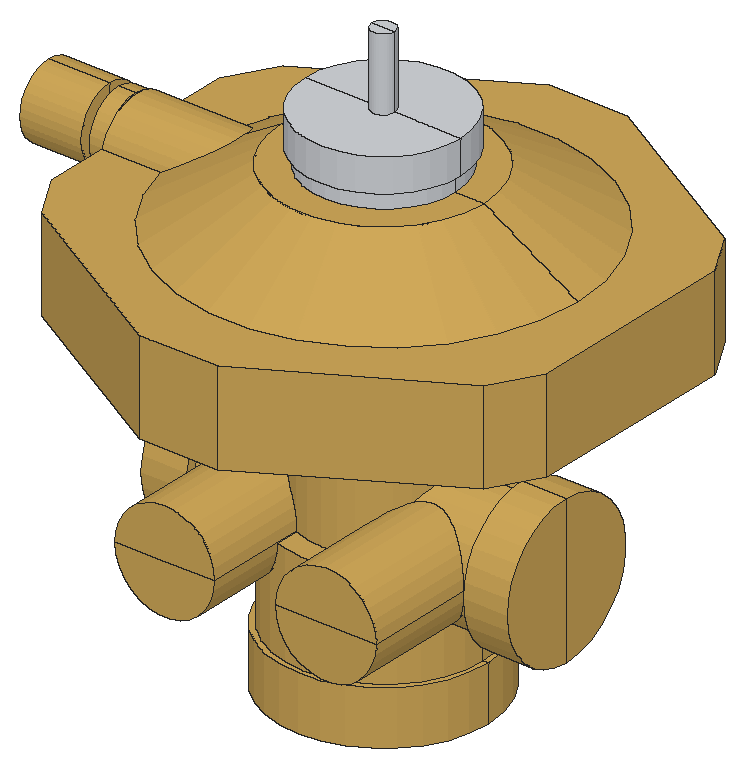
Revit family "Differential Pressure Control Valve 4002 FIX TS 50kPa", category Rohrzubehör, Revit 2018
Family settings
  Bemaßung runder Anschluss = Durchmesser verwenden
  Teiletyp = Unterbricht
  OmniClass-Nummer = 23.65.55.14
  OmniClass-Titel = Valves for Liquid Services
  Arbeitsebenenbasiert = Nein
  Immer vertikal = Ja
  Beim Laden mit Abzugskörper schneiden = Nein
  Gemeinsam genutzt = Nein
Parameters (values of type "without insulation")
  y2 [instance] = K14 + K9 + H01  # 45.649 mm
  y1 [instance] = (R03 * 2) + R05  # 66.000 mm
  k25 = 9.000 mm  # constant formula
  k24 = 13.000 mm  # constant formula
  k23 = 6.000 mm  # constant formula
  k22 = 22.000 mm  # constant formula
  k21 = 13.000 mm  # constant formula
  k20 = 14.000 mm  # constant formula
  k19 = 2.000 mm  # constant formula
  Model = "The differential pressure controller is a straight-version linear controller and works without auxiliary\r\npower. The fixed nominal differential pressure is 50 kPa.\r\nA capillary (1000 mm) is included and should be connected to the circuit regulating valve in the\r\nflow."
  Min. operating temperature (anti freeze) = -20 °C  # constant formula
  Max. operating temperature up to DN32 = 130 °C  # constant formula
  Max. operating temperature from  DN40 = 110 °C  # constant formula
  Max. differential pressure on the body = 400000.0 Pa  # constant formula
  Max. operating pressure = 1600000.0 Pa  # constant formula
  Valve shaft = "stainless steel 14301"  # constant formula
  VRL01 [instance] = 30.000 mm  # constant formula
  V12 = 17.000 mm  # constant formula
  V10 = 16.000 mm  # constant formula
  V09 [instance] = 11.000 mm  # constant formula
  V08 [instance] = G01 + 3.000 mm  # 16.220 mm
  V03 [instance] = G01 + 5.000 mm  # 18.220 mm
  V02 [instance] = V01 + 4.500 mm  # 12.000 mm
  V01 [instance] = Nennweite / 2  # 7.500 mm
  URL = "www.herzvalves.com"
  SCRNSEQ = "ARM;ARM_TYP=\"DIFR\";2"
  SCRNCODE = "05;03;4"  # constant formula
  S07 = 10.000 mm  # constant formula
  S05 [instance] = S01 - 1.000 mm  # 13.850 mm
  S04 [instance] = S02 - 1.000 mm  # 18.000 mm
  S03 [instance] = size_lookup("4002_FIX_TS_50", "S03", 26.500 mm, Nennweite)  # 25.600 mm
  S02 [instance] = size_lookup("4002_FIX_TS_50", "S02", 19.000 mm, Nennweite)  # 19.000 mm
  S01 [instance] = size_lookup("4002_FIX_TS_50", "S01", 14.850 mm, Nennweite)  # 14.850 mm
  Regulator connection nut = "brass CW614N"  # constant formula
  Control range = "FIX 50kPa"  # constant formula
  R06 [instance] = size_lookup("4002_FIX_TS_50", "R06", 14.500 mm, Nennweite)  # 14.500 mm
  R05 [instance] = size_lookup("4002_FIX_TS_50", "R05", 41.000 mm, Nennweite)  # 50.000 mm
  R04 [instance] = size_lookup("4002_FIX_TS_50", "R04", 12.500 mm, Nennweite)  # 12.500 mm
  R03 [instance] = size_lookup("4002_FIX_TS_50", "R03", 8.000 mm, Nennweite)  # 8.000 mm
  R02 = 14.500 mm  # constant formula
  R01 [instance] = size_lookup("4002_FIX_TS_50", "R01", 11.500 mm, Nennweite)  # 11.500 mm
  Min. operating temperature (pure water) = 2 °C  # constant formula
  O-Rings = "EPDM"  # constant formula
  Nennweite [instance] = 15.000 mm
  Membrane body = "brass CW602N"  # constant formula
  Membrane = "EPDM"  # constant formula
  Medium = "Water purity in accordance with the ÖNORM H 5195 and VDI 2035 standards\r\nEthylene and propylene glycol can be mixed to a ratio of 25 - 50 vol. [%]"
  L07 [instance] = size_lookup("4002_FIX_TS_50", "L07", 33.000 mm, Nennweite)  # 33.000 mm
  L06 = 7.000 mm  # constant formula
  L [instance] = size_lookup("4002_FIX_TS_50", "L", 66.000 mm, Nennweite)  # 66.000 mm
  K9 = 4.000 mm  # constant formula
  K8 = 55.000 mm  # constant formula
  K7 = 8.700 mm  # constant formula
  K6 = 11.700 mm  # constant formula
  K5 = 13.000 mm  # constant formula
  K4 = 12.000 mm  # constant formula
  K3 = 15.000 mm  # constant formula
  K2 = 2.350 mm  # constant formula
  K18 = 89.000 mm  # constant formula
  K17 = 66.700 mm  # constant formula
  K16 = 3.000 mm  # constant formula
  K15 = 26.649 mm  # constant formula
  K14 = 16.649 mm  # constant formula
  K13 = 16.649 mm  # constant formula
  K12 = 10.000 mm  # constant formula
  K11 = 35.000 mm  # constant formula
  K10 = 18.250 mm  # constant formula
  K1.1 = 2.350 mm  # constant formula
  K1 = 7.651 mm - 1.000 mm  # 6.651 mm
  J9 = 15.700 mm  # constant formula
  J8 = 7.850 mm  # constant formula
  J7 = 15.897 mm  # constant formula
  J6 = 3.900 mm  # constant formula
  J5 = 6.500 mm  # constant formula
  J4 = 1.500 mm  # constant formula
  J3 = 3.200 mm  # constant formula
  J2 = 11.000 mm  # constant formula
  J11 = 3.500 mm  # constant formula
  J10 = 18.897 mm  # constant formula
  J1 = 6.500 mm  # constant formula
  Hersteller = "HERZ-Armaturen Ges.m.b.H"  # constant formula
  H2 [instance] = size_lookup("4002_FIX_TS_50", "H2", 28.000 mm, Nennweite)  # 28.000 mm
  H1 [instance] = K1 + K2 + K3 + K4 + K5 + K7 + K8 + K16 + 16.650 mm  # 132.351 mm
  H04 = 4.000 mm  # constant formula
  H03 = 9.800 mm  # constant formula
  H02 [instance] = size_lookup("4002_FIX_TS_50", "H02", 53.000 mm, Nennweite)  # 53.000 mm
  H01 [instance] = size_lookup("4002_FIX_TS_50", "H01", 25.000 mm, Nennweite)  # 25.000 mm
  Body = "DZR brass CC770S"  # constant formula
  G01 [instance] = size_lookup("4002_FIX_TS_50", "G01", 13.220 mm, Nennweite)  # 13.220 mm
  Materials = "Ammonia contained in hemp can damage brass valve bodies, EPDM gaskets can be affected by\r\nMineral oils lubricants and thus lead to failure of the EPDM seals. Please refer to manufacturers\r\ndocumentation when using ethylene glycol products for frost and corrosion protection."
  Dämmung = no
  Insulation shell = "EPP (expanded polypropylen)"  # constant formula
  Compression spring = "spring steel, rust and acid persistent"  # constant formula
  DN50 [instance] = Nennweite = 50.000 mm  # no
  DN40 [instance] = Nennweite = 40.000 mm  # no
  DN32-40 [instance] = or(Nennweite = 32.000 mm, Nennweite = 40.000 mm)  # no
  DN32 [instance] = Nennweite = 32.000 mm  # no
  DN25 [instance] = Nennweite = 25.000 mm  # no
  DN20 [instance] = Nennweite = 20.000 mm  # no
  DN15-25 [instance] = or(Nennweite = 15.000 mm, Nennweite = 20.000 mm, Nennweite = 25.000 mm)  # yes
  DN15,20,25,32,50 [instance] = or(Nennweite = 15.000 mm, Nennweite = 20.000 mm, Nennweite = 25.000 mm, Nennweite = 32.000 mm, Nennweite = 50.000 mm)  # yes
  DN15 [instance] = Nennweite = 15.000 mm  # yes
  D07 [instance] = if(Nennweite = 15.000 mm, 32.000 mm, if(Nennweite = 20.000 mm, 33.000 mm, if(Nennweite = 25.000 mm, 33.000 mm, if(Nennweite = 32.000 mm, 49.000 mm, if(Nennweite = 40.000 mm, 57.560 mm, if(Nennweite = 50.000 mm, 57.560 mm, 0.000 mm))))))  # 32.000 mm
  D06 [instance] = if(Nennweite = 15.000 mm, 32.000 mm, if(Nennweite = 20.000 mm, 33.000 mm, if(Nennweite = 25.000 mm, 33.000 mm, if(Nennweite = 32.000 mm, 49.000 mm, if(Nennweite = 40.000 mm, 57.560 mm, if(Nennweite = 50.000 mm, 57.560 mm, 0.000 mm))))))  # 32.000 mm
  D05 [instance] = if(Nennweite = 15.000 mm, 36.750 mm, if(Nennweite = 20.000 mm, 40.700 mm, if(Nennweite = 25.000 mm, 49.200 mm, if(Nennweite = 32.000 mm, 54.150 mm, if(Nennweite = 40.000 mm, 60.750 mm, if(Nennweite = 50.000 mm, 72.700 mm, 0.000 mm))))))  # 36.750 mm
  D04 [instance] = if(Nennweite = 15.000 mm, 78.500 mm, if(Nennweite = 20.000 mm, 82.000 mm, if(Nennweite = 25.000 mm, 84.000 mm, if(Nennweite = 32.000 mm, 120.000 mm, if(Nennweite = 40.000 mm, 130.000 mm, if(Nennweite = 50.000 mm, 130.500 mm, 0.000 mm))))))  # 78.500 mm
  D03 [instance] = if(Nennweite = 15.000 mm, 96.000 mm, if(Nennweite = 20.000 mm, 110.000 mm, if(Nennweite = 25.000 mm, 112.000 mm, if(Nennweite = 32.000 mm, 152.000 mm, if(Nennweite = 40.000 mm, 170.000 mm, if(Nennweite = 50.000 mm, 179.000 mm, 0.000 mm))))))  # 96.000 mm
  D02 [instance] = size_lookup("4002_FIX_TS_50", "R05", 41.000 mm, Nennweite)  # 50.000 mm
  D01 [instance] = size_lookup("4002_FIX_TS_50", "G01", 13.220 mm, Nennweite)  # 13.220 mm
  Bestellnummer Dämmung [instance] = if(and(Dämmung, Nennweite = 15.000 mm), 1400291, if(and(Dämmung, Nennweite = 20.000 mm), 1400291, if(and(Dämmung, Nennweite = 25.000 mm), 1400291, if(and(Dämmung, Nennweite = 32.000 mm), 1400291, if(and(Dämmung, Nennweite = 40.000 mm), 1400291, if(and(Dämmung, Nennweite = 50.000 mm), 1400291, 0))))))  # 0
  Bestellnummer [instance] = size_lookup("4002_FIX_TS_50", "Artnr", 0, Nennweite)  # 1400291
  B2 [instance] = size_lookup("4002_FIX_TS_50", "B2", 31.000 mm, Nennweite)  # 31.000 mm
  B1 [instance] = size_lookup("4002_FIX_TS_50", "B1", 26.000 mm, Nennweite)  # 26.000 mm
  B04 = 100.649 mm  # constant formula
  B03 = 44.500 mm  # constant formula
  B02 = 104.688 mm  # constant formula
  B01 = 10.000 mm  # constant formula
  Application = "Differential pressure controllers are used to stabilize the differential pressure in heating and cooling circuits and ensure the\r\nindependence of the loads from dynamic pressure fluctuations in the system."
  Connection nipple = "brass CW602N"  # constant formula
  Connection thread for the drive = "brass CW602N"  # constant formula
Types (3, lengths in mm): name | y2 | y1 | Model | V08 | V03 | V02 | V01 | S03 | R05 | R04 | R03 | R01 | Nennweite | Medium | L07 | L | H2 | H02 | H01 | G01 | Materials | Dämmung | DN25 | DN15 | D07 | D06 | D05 | D04 | D03 | D02 | D01 | Bestellnummer Dämmung | Bestellnummer | B2 | B1
  (no name) | 45.649 | 66.000 | "The differential pressure controller is a straight-version linear controller and works without auxiliary\r\npower. The fixed nominal differential pressure is 50 kPa.\r\nA capillary (1000 mm) is included and should be connected to the circuit regulating valve in the\r\nflow." | 16.220 | 18.220 | 12.000 | 7.500 | 25.600 | 50.000 | 12.500 | 8.000 | 11.500 | 15.000 | "Water purity in accordance with the ÖNORM H 5195 and VDI 2035 standards\r\nEthylene and propylene glycol can be mixed to a ratio of 25 - 50 vol. [%]" | 33.000 | 66.000 | 28.000 | 53.000 | 25.000 | 13.220 | "Ammonia contained in hemp can damage brass valve bodies, EPDM gaskets can be affected by\r\nMineral oils lubricants and thus lead to failure of the EPDM seals. Please refer to manufacturers\r\ndocumentation when using ethylene glycol products for frost and corrosion protection." | no | no | yes | 32.000 | 32.000 | 36.750 | 78.500 | 96.000 | 50.000 | 13.220 | 0 | 1400291 | 31.000 | 26.000
  with insulation | 46.649 | 76.000 | "The differential pressure controller is a straight-version linear controller and works without auxiliary\r\npower. The fixed nominal differential pressure is 50 kPa.\r\nA capillary (1000 mm) is included and should be connected to the circuit regulating valve in the supply line." | 23.600 | 25.600 | 17.000 | 12.500 | 29.000 | 58.200 | 14.500 | 8.900 | 14.800 | 25.000 | "Water purity in accordance with the ÖNORM H 5195 and VDI 2035 standards.\r\nEthylene and propylene glycol can be mixed to a ratio of 25 - 50 vol. [%]" | 38.000 | 76.000 | 29.000 | 54.500 | 26.000 | 20.600 | "Ammonia contained in hemp can damage brass valve bodies, EPDM gaskets can be affected by\r\nmineral oil lubricants and thus lead to failure of the EPDM seals. Please refer to manufacturers\r\ndocumentation when using ethylene glycol products for frost and corrosion protection." | yes | yes | no | 33.000 | 33.000 | 49.200 | 84.000 | 112.000 | 58.200 | 20.600 | 1400291 | 1400293 | 33.000 | 28.000
  without insulation | 45.649 | 66.000 | "The differential pressure controller is a straight-version linear controller and works without auxiliary\r\npower. The fixed nominal differential pressure is 50 kPa.\r\nA capillary (1000 mm) is included and should be connected to the circuit regulating valve in the\r\nflow." | 16.220 | 18.220 | 12.000 | 7.500 | 25.600 | 50.000 | 12.500 | 8.000 | 11.500 | 15.000 | "Water purity in accordance with the ÖNORM H 5195 and VDI 2035 standards\r\nEthylene and propylene glycol can be mixed to a ratio of 25 - 50 vol. [%]" | 33.000 | 66.000 | 28.000 | 53.000 | 25.000 | 13.220 | "Ammonia contained in hemp can damage brass valve bodies, EPDM gaskets can be affected by\r\nMineral oils lubricants and thus lead to failure of the EPDM seals. Please refer to manufacturers\r\ndocumentation when using ethylene glycol products for frost and corrosion protection." | no | no | yes | 32.000 | 32.000 | 36.750 | 78.500 | 96.000 | 50.000 | 13.220 | 0 | 1400291 | 31.000 | 26.000
Reference planes
  plane 1 "Mitte (Vorne/hinten)": y = 0
  plane 2: z = 0
  plane 3 "Mitte (Links/rechts)": x = 0
Forms (mm)
  Revolve 1, solid, material "Messing, weicher Gelbton, geschweißt", detail levels fine
    sketch origin (0, 0, 0) x (1, 0, 0) y (0, 0, 1)
      loop
        line (-33, 0) -> (33, 0) -> (33, 13.22) -> (25, 13.22) -> (25, 11.5) -> (-25, 11.5) -> (-25, 13.22) -> (-33, 13.22) -> (-33, 0)
      axis (-33, 0) -> (33, 0)
    angle from 0 to 360
  Revolve 2, solid, material "Messing, weicher Gelbton, geschweißt", detail levels fine
    sketch origin (0, 0, 0) x (1, 0, 0) y (0, 0, 1)
      loop
        line (0, -28) -> (0, 0) -> (-18, 0) -> (-18, -18.2) -> (-19, -18.2) -> (-19, -28) -> (0, -28)
      axis (0, 0) -> (0, -28)
    angle from 0 to 360
  Extrusion 3, solid, material "Messing, weicher Gelbton, geschweißt", detail levels fine
    sketch origin (0, 0, 0) x (0, -1, 0) y (1, 0, 0)
      loop
        line (-46, -7.038) -> (-27.114, -39.75) -> (-18.886, -44.5) -> (18.886, -44.5) -> (27.114, -39.75) -> (46, -7.038) -> (46, 7.038) -> (27.114, 39.75) -> (18.886, 44.5) -> (-18.886, 44.5) -> (-27.114, 39.75) -> (-46, 7.038) -> (-46, -7.038)
    from 29 to 45.649
  Revolve 4, solid, material "Messing, weicher Gelbton, geschweißt", detail levels fine
    sketch origin (0, 0, -7.051) x (1, 0, 0) y (0, 0, 1)
      loop
        line (0, 52.7) -> (0, 62.7) -> (-18.25, 62.7) -> (-35, 52.7) -> (0, 52.7)
      axis (0, 62.7) -> (0, 52.7)
    angle from 0 to 360
  Revolve 5, solid, material "Messing, weicher Gelbton, geschweißt", visible <- "DN15-25", detail levels fine
    sketch origin (-11, 0, 0) x (1, 0, 0) y (0, 1, 0)
      loop
        line (-1.5, 26) -> (-9.2, 26) -> (-9.2, 0) -> (-1.5, 0) -> (-1.5, 26)
      axis (-1.5, 0) -> (-1.5, 26)
    angle from 0 to 360
  Revolve 6, solid, material "Messing, weicher Gelbton, geschweißt", detail levels fine
    sketch origin (-0.988, 0, -6.853) x (-1, 0, 0) y (0, 0, 1)
      loop
        line (43.5, 51.75) -> (59.2, 51.75) -> (59.2, 58.25) -> (48.2, 58.25) -> (48.2, 55.65) -> (46.7, 55.65) -> (46.7, 58.25) -> (43.5, 58.25) -> (43.5, 51.75)
      axis (43.5, 51.75) -> (59.2, 51.75)
    angle from 0 to 360
  Extrusion 7, solid, material "Messing, weicher Gelbton, geschweißt", detail levels fine
    sketch origin (0, 0, 0) x (0, 1, 0) y (0, 0, -1)
      loop
        line (7.85, -43.547) -> (7.85, -32.5) -> (-7.85, -32.5) -> (-7.85, -43.547)
        arc (-7.85, -43.547) -> (0, -51.397) -> (7.85, -43.547) r 7.85
    from 0 to 44.5
  Revolve 8, solid, material "Messing, weicher Gelbton, geschweißt", visible <- "DN15-25", detail levels fine
    sketch origin (-2, 0, 0) x (1, 0, 0) y (0, 1, 0)
      loop
        line (-12.5, 0) -> (-21.5, 0) -> (-21.5, -31) -> (-12.5, -31) -> (-12.5, 0)
      axis (-12.5, 0) -> (-12.5, -31)
    angle from 0 to 360
  Revolve 9, solid, material "Messing, weicher Gelbton, geschweißt", visible <- "DN15-25", detail levels fine
    sketch origin (2, 0, 0) x (1, 0, 0) y (0, 1, 0)
      loop
        line (12.5, 0) -> (12.5, -31) -> (21.6, -31) -> (21.6, 0) -> (12.5, 0)
      axis (12.5, 0) -> (12.5, -31)
    angle from 0 to 360
  Extrusion 10, solid, material "Messing, weicher Gelbton, geschweißt", visible <- "DN32", detail levels fine
    sketch origin (-31.5, 0, 0) x (1, 0, 0) y (0, 1, 0)
      loop
        circle (63, 0) r 6.578
      loop
        circle (63, 0) r 3.28
    from -47 to 0
  Extrusion 11, solid, material "Messing, weicher Gelbton, geschweißt", visible <- "DN32", detail levels fine
    sketch origin (31.5, 0, 0) x (-1, 0, 0) y (0, -1, 0)
      loop
        circle (63, 0) r 6.578
      loop
        circle (63, 0) r 3.28
    from -47 to 0
  Revolve 12, solid, material "Messing, weicher Gelbton, geschweißt", detail levels fine
    sketch origin (0, 0, 0) x (1, 0, 0) y (0, 0, 1)
      loop
        line (-13.85, 0) -> (0, 0) -> (0, 29) -> (-9.85, 29) -> (-9.85, 25) -> (-14.85, 25) -> (-14.85, 15.2) -> (-13.85, 15.2) -> (-13.85, 0)
      axis (0, 29) -> (0, 0)
    angle from 0 to 360
  Extrusion 13, solid, material "Messing, weicher Gelbton, geschweißt", visible <- "DN40", detail levels fine
    sketch origin (29.382, 0, 0) x (-1, 0, 0) y (0, -1, 0)
      loop
        circle (63, 0) r 6.578
      loop
        circle (63, 0) r 3.28
    from -58 to 0
  Extrusion 14, solid, material "Messing, weicher Gelbton, geschweißt", visible <- "DN40", detail levels fine
    sketch origin (-29.455, 0, 0) x (1, 0, 0) y (0, 1, 0)
      loop
        circle (63, 0) r 6.578
      loop
        circle (63, 0) r 3.28
    from -58 to 0
  Extrusion 15, solid, material "Messing, weicher Gelbton, geschweißt", visible <- "DN50", detail levels fine
    sketch origin (28.422, 0, 0) x (-1, 0, 0) y (0, -1, 0)
      loop
        circle (63, 0) r 6.578
      loop
        circle (63, 0) r 3.28
    from -58 to 0
  Extrusion 16, solid, material "Messing, weicher Gelbton, geschweißt", visible <- "DN50", detail levels fine
    sketch origin (-28.422, 0, 0) x (1, 0, 0) y (0, 1, 0)
      loop
        circle (63, 0) r 6.578
      loop
        circle (63, 0) r 3.28
    from -58 to 0
  Revolve 17, solid, material "Messing, weicher Gelbton, geschweißt", visible <- "DN32-40", detail levels fine
    sketch origin (-11, 0, 0) x (1, 0, 0) y (0, 1, 0)
      loop
        line (-1.5, -26) -> (-1.5, 0) -> (-9.2, 0) -> (-9.2, -26) -> (-1.5, -26)
      axis (-1.5, 0) -> (-1.5, -26)
    angle from 0 to 360
  Revolve 18, solid, material "Messing, weicher Gelbton, geschweißt", not visible, detail levels fine
    sketch origin (10.652, 0, 0) x (-1, 0, 0) y (0, 0, 1)
      loop
        line (43.652, 0) -> (73.652, 0) -> (73.652, 7.5) -> (56.652, 7.5) -> (56.652, 12) -> (47.652, 12) -> (47.652, 18.22) -> (40.652, 18.22) -> (40.652, 16.22) -> (35.652, 16.22) -> (35.652, 13.22) -> (43.652, 13.22) -> (43.652, 0)
      axis (35.652, 0) -> (73.652, 0)
    angle from 0 to 360
  Revolve 19, solid, material "Messing, weicher Gelbton, geschweißt", not visible, detail levels fine
    sketch origin (-9.448, 0, 0) x (1, 0, 0) y (0, 0, 1)
      loop
        line (42.448, 0) -> (72.448, 0) -> (72.448, 7.5) -> (55.448, 7.5) -> (55.448, 12) -> (46.448, 12) -> (46.448, 18.22) -> (39.448, 18.22) -> (39.448, 16.22) -> (34.448, 16.22) -> (34.448, 13.22) -> (42.448, 13.22) -> (42.448, 0)
      axis (34.448, 0) -> (72.448, 0)
    angle from 0 to 360
  Revolve 20, solid, detail levels fine
    sketch origin (0, 0, 0) x (1, 0, 0) y (0, 0, 1)
      loop
        line (0, 55.649) -> (0, 77.649) -> (-2, 77.649) -> (-2, 64.649) -> (-14, 64.649) -> (-14, 58.649) -> (-13, 58.649) -> (-13, 55.649) -> (0, 55.649)
      axis (0, 77.649) -> (0, 55.649)
    angle from 0 to 360
  Revolve 21, solid, material "Kunsstoff-Anthrazit/Schwarz", visible <- "Dämmung"
    sketch origin (0, 0, 0) x (1, 0, 0) y (0, 0, 1)
      loop
        line (0, -46.5) -> (36.75, -46.5) -> (36.75, 32) -> (0, 32) -> (0, -46.5)
      axis (0, 32) -> (0, -46.5)
    angle from 0 to 360
  Revolve 22, solid, material "Kunsstoff-Anthrazit/Schwarz", visible <- "Dämmung"
    sketch origin (0, 0, 0) x (1, 0, 0) y (0, 0, 1)
      loop
        line (0, 32) -> (-48, 32) -> (-48, 13.22) -> (-25, 13.22) -> (-25, 0) -> (25, 0) -> (25, 10) -> (48, 10) -> (48, 32) -> (0, 32)
      axis (-48, 0) -> (48, 0)
    angle from 0 to 360
  Extrusion 23, void
    sketch origin (-196.626, 0, 0) x (1, 0, 0) y (0, 0, 1)
      loop
        line (106.193, 29) -> (304.626, 29) -> (304.626, 45.649) -> (106.193, 45.649) -> (106.193, 29)
    from -96.074 to 95.029
  Extrusion 24, void
    sketch origin (-330.981, 0, 0) x (1, 0, 0) y (0, 0, 1)
      loop
        line (226.44, 29) -> (455.981, 29) -> (455.981, 45.649) -> (226.44, 45.649) -> (226.44, 29)
    from -101.402 to 98.396
Cuts and joins
  Extrusion 23 cuts Revolve 21
  Extrusion 24 cuts Revolve 22
Lines and regions (mm)
  model lines, detail levels coarse+medium
    curve 1: line (33, -13.22, 0) -> (33, 13.22, 0)
    curve 2: line (33, 13.22, 0) -> (-33, -13.22, 0)
    curve 3: line (-33, -13.22, 0) -> (-33, 13.22, 0)
    curve 4: line (-33, 13.22, 0) -> (33, -13.22, 0)
    curve 5: line (0, -15, 0) -> (0, -29, 0)
    curve 6: spline (-44.5, -37.324, 0) -> (-42.984, -35.17, 0) -> (-38.538, -33.162, 0) -> (-31.466, -31.438, 0) -> (-22.25, -30.115, 0) -> (-11.517, -29.284, 0) -> (0, -29, 0) -> (11.517, -29.284, 0) -> (22.25, -30.115, 0) -> (31.466, -31.438, 0) -> (38.538, -33.162, 0) -> (42.984, -35.17, 0) -> (44.5, -37.325, 0) -> (42.984, -39.479, 0) -> (38.538, -41.487, 0) -> (31.466, -43.211, 0) -> (22.25, -44.534, 0) -> (11.517, -45.365, 0) -> (0, -45.649, 0) -> (-11.517, -45.365, 0) -> (-22.25, -44.534, 0) -> (-31.466, -43.211, 0) -> (-38.538, -41.487, 0) -> (-42.984, -39.479, 0) -> (-44.5, -37.324, 0)
    curve 7: line (-33, 0, 13.22) -> (-33, 0, -13.22)
    curve 8: line (-33, 0, -13.22) -> (33, 0, 13.22)
    curve 9: line (33, 0, 13.22) -> (33, 0, -13.22)
    curve 10: line (33, 0, -13.22) -> (-33, 0, 13.22)
    curve 11: line (0, 0, 13.22) -> (0, 0, 29)
    curve 12: spline (-44.5, 0, 37.325) -> (-42.984, 0, 39.479) -> (-38.538, 0, 41.487) -> (-31.466, 0, 43.211) -> (-22.25, 0, 44.534) -> (-11.517, 0, 45.365) -> (0, 0, 45.649) -> (11.517, 0, 45.365) -> (22.25, 0, 44.534) -> (31.466, 0, 43.211) -> (38.538, 0, 41.487) -> (42.984, 0, 39.479) -> (44.5, 0, 37.324) -> (42.984, 0, 35.17) -> (38.538, 0, 33.162) -> (31.466, 0, 31.438) -> (22.25, 0, 30.115) -> (11.517, 0, 29.284) -> (0, 0, 29) -> (-11.517, 0, 29.284) -> (-22.25, 0, 30.115) -> (-31.466, 0, 31.438) -> (-38.538, 0, 33.162) -> (-42.984, 0, 35.17) -> (-44.5, 0, 37.325)
    curve 13: line (0, 0, 13.22) -> (16.5, 0, 6.61)
    curve 14: line (0, 0, 13.22) -> (-16.5, 0, 6.61)
    curve 15: line (33, 0, 0) -> (63, 0, 0)
    curve 16: line (-33, 0, 0) -> (-63, 0, 0)
    curve 17: line (0, -15, 0) -> (-22.716, -9.1, 0)
    curve 18: line (0, -15, 0) -> (22.716, -9.1, 0)
    curve 19: line (33, 0, 13.22) -> (33, 0, -13.22)
    curve 20: line (33, 0, 13.22) -> (43, 0, 13.22)
    curve 21: line (43, 0, 13.22) -> (33, 0, 0)
    curve 22: line (43, 0, -13.22) -> (33, 0, 0)
    curve 23: line (33, 0, -13.22) -> (43, 0, -13.22)
    curve 24: line (-33, 0, 13.22) -> (-33, 0, -13.22)
    curve 25: line (-33, 0, 13.22) -> (-43, 0, 13.22)
    curve 26: line (-43, 0, 13.22) -> (-33, 0, 0)
    curve 27: line (-43, 0, -13.22) -> (-33, 0, 0)
    curve 28: line (-33, 0, -13.22) -> (-43, 0, -13.22)
    curve 29: line (-33, 13.22, 0) -> (-43, 13.22, 0)
    curve 30: line (-43, 13.22, 0) -> (-33, 0, 0)
    curve 31: line (-33, -13.22, 0) -> (-43, -13.22, 0)
    curve 32: line (-43, -13.22, 0) -> (-33, 0, 0)
    curve 33: line (33, -13.22, 0) -> (33, 13.22, 0)
    curve 34: line (33, 13.22, 0) -> (43, 13.22, 0)
    curve 35: line (43, 13.22, 0) -> (33, 0, 0)
    curve 36: line (33, -13.22, 0) -> (43, -13.22, 0)
    curve 37: line (43, -13.22, 0) -> (33, 0, 0)
Dimensions and locks
  "G01": Revolve 1 sketch curve to Revolve 1 sketch curve  (x2)
  "R01": Revolve 1 sketch curve to Revolve 1 sketch curve
  "R03": Revolve 1 sketch curve to Revolve 1 sketch curve  (x2)
  "K10": Revolve 4 sketch curve to Revolve 4 sketch curve
  "K11": Revolve 4 sketch curve to Revolve 4 sketch curve
  "B1": Revolve 5 sketch curve to Revolve 5 sketch curve
  "J1": Revolve 6 sketch curve to Revolve 6 sketch curve
  "J3": Revolve 6 sketch curve to Revolve 6 sketch curve
  "J4": Revolve 6 sketch curve to Revolve 6 sketch curve
  "J2": Revolve 6 sketch curve to Revolve 6 sketch curve
  "J5": Revolve 6 sketch curve to Revolve 6 sketch curve
  "J6": Revolve 6 sketch curve to Revolve 6 sketch curve
  "H2": plane 2 to Revolve 2 sketch curve
  "H03": Revolve 2 sketch curve to Revolve 2 sketch curve
  "S02": plane 3 "Mitte (Links/rechts)" to Revolve 2 sketch curve
  "B02": Revolve 6 to Extrusion 3
  "B03": Extrusion 3 to plane 3 "Mitte (Links/rechts)"
  "R04": Revolve 5 sketch curve to plane 3 "Mitte (Links/rechts)"
  "K12": Revolve 4 sketch curve to Revolve 4 sketch curve
  "K13": Revolve 4 sketch curve to Extrusion 3
  "K14": Extrusion 3 to Extrusion 3
  "R05": Revolve 1 sketch curve to Revolve 1 sketch curve
  plane 3 "Mitte (Links/rechts)" to Revolve 1 sketch curve = 33.000 mm
  Revolve 1 sketch curve to plane 3 "Mitte (Links/rechts)" = 33.000 mm
  equal spacing: Revolve 1 sketch curve, plane 3 "Mitte (Links/rechts)", Revolve 1 sketch curve
  "B2": plane 1 "Mitte (Vorne/hinten)" to Revolve 8 sketch curve
  "B2": Revolve 9 sketch curve to plane 1 "Mitte (Vorne/hinten)"
  "R06": Revolve 8 sketch curve to plane 3 "Mitte (Links/rechts)"
  "R06": plane 3 "Mitte (Links/rechts)" to Revolve 9 sketch curve
  "S01": Revolve 12 sketch curve to plane 3 "Mitte (Links/rechts)"
  "S05": plane 3 "Mitte (Links/rechts)" to Revolve 12 sketch curve
  "H04": Revolve 12 sketch curve to Revolve 12 sketch curve
  "H03": Revolve 12 sketch curve to Revolve 12 sketch curve
  "H01": Revolve 12 sketch curve to plane 2
  "K9": Extrusion 3 to Revolve 12
  Revolve 2 sketch curve to Revolve 2 sketch curve = 1.000 mm
  "J7": Revolve 6 sketch curve to Extrusion 3
  "J9": Extrusion 7 sketch curve to Extrusion 7 sketch curve
  "J10": Revolve 6 to Extrusion 7 sketch curve
  "J11": Extrusion 7 sketch curve to Extrusion 3
  equal spacing: curve 7, curve 6, curve 9
  "K18": Extrusion 3 to Extrusion 3
  equal spacing: curve 7, curve 14, curve 14
  equal spacing: curve 14, curve 13, curve 9
  "G01": curve 10 to plane 2
  "G01": plane 2 to curve 8
  "G01": curve 9 to plane 2
  "G01": plane 2 to curve 10
  "K18": curve 12 to curve 12
  "y1": curve 7 to curve 9
  "G01": curve 14 to plane 2
  "K14": curve 12 to curve 12
  "y2": curve 12 to plane 2
  "G01": plane 1 "Mitte (Vorne/hinten)" to curve 4
  "G01": curve 3 to plane 1 "Mitte (Vorne/hinten)"
  equal spacing: curve 3, curve 12, curve 1
  equal spacing: curve 3, curve 18, curve 1
  "y1": curve 3 to curve 1
  "G01": plane 1 "Mitte (Vorne/hinten)" to curve 2
  "G01": curve 4 to plane 1 "Mitte (Vorne/hinten)"
  "K18": curve 6 to curve 6
  "K14": curve 6 to curve 6
  "y2": curve 6 to plane 1 "Mitte (Vorne/hinten)"
  "B1": Revolve 17 sketch curve to Revolve 17 sketch curve
  "R04": Revolve 17 sketch curve to plane 3 "Mitte (Links/rechts)"
  "R03": Revolve 18 sketch curve to Revolve 18 sketch curve
  "V10": Revolve 18 sketch curve to Revolve 18 sketch curve
  "V12": Revolve 18 sketch curve to Revolve 18 sketch curve
  "VRL01": Revolve 18 sketch curve to Revolve 18 sketch curve
  "V02": Revolve 18 sketch curve to plane 2
  "V01": Revolve 18 sketch curve to plane 2
  "G01": Revolve 18 sketch curve to plane 2
  "V08": Revolve 18 sketch curve to plane 2
  "V03": Revolve 18 sketch curve to plane 2
  "R03": Revolve 19 sketch curve to Revolve 19 sketch curve
  "V10": Revolve 19 sketch curve to Revolve 19 sketch curve
  "V12": Revolve 19 sketch curve to Revolve 19 sketch curve
  "VRL01": Revolve 19 sketch curve to Revolve 19 sketch curve
  "V01": Revolve 19 sketch curve to plane 2
  "V02": Revolve 19 sketch curve to plane 2
  "G01": Revolve 19 sketch curve to plane 2
  "V08": Revolve 19 sketch curve to plane 2
  "V03": Revolve 19 sketch curve to plane 2
  "L07": Revolve 18 to plane 3 "Mitte (Links/rechts)"
  "L07": plane 3 "Mitte (Links/rechts)" to Revolve 19
  "S07": curve 28 to Revolve 18
  "S07": curve 26 to Revolve 18
  "S07": Revolve 19 to curve 21
  "S07": Revolve 19 to curve 23
  "G01": plane 2 to curve 28
  "G01": curve 25 to plane 2
  "G01": curve 20 to plane 2
  "G01": plane 2 to curve 23
  "S07": curve 30 to curve 3
  "S07": curve 32 to curve 3
  "S07": curve 33 to curve 35
  "S07": curve 33 to curve 37
  "k20": Revolve 20 sketch curve to Revolve 20 sketch curve
  "k24": Revolve 20 sketch curve to Revolve 20 sketch curve
  "k23": Revolve 20 sketch curve to Revolve 20 sketch curve
  "k21": Revolve 20 sketch curve to Revolve 20 sketch curve
  "k22": Revolve 20 sketch curve to Revolve 20 sketch curve
  "k19": Revolve 20 sketch curve to Revolve 20 sketch curve
  "k25": Revolve 20 to Revolve 4
  "D06": Revolve 21 sketch curve to plane 2
  "D05": Revolve 21 sketch curve to Revolve 21 sketch curve
  "D04": Revolve 21 sketch curve to Revolve 21 sketch curve
  "D07": Revolve 22 sketch curve to plane 2
  "D01": Revolve 22 sketch curve to plane 2
  "D03": Revolve 22 sketch curve to Revolve 22 sketch curve
  "D02": Revolve 22 sketch curve to Revolve 22 sketch curve
  equal spacing: Revolve 22 sketch curve, plane 3 "Mitte (Links/rechts)", Revolve 22 sketch curve  (x2)
  "K14": Extrusion 23 to Extrusion 23
  "K14": Extrusion 23 to Extrusion 3
  "K14": Extrusion 24 to Extrusion 24
  "K14": Extrusion 24 to Extrusion 3
  "J8": radius of Extrusion 7 sketch curve
  aligned and locked: level to plane 2
Automatic sketch dimensions
  plane 3 "Mitte (Links/rechts)" to Extrusion 3 sketch curve = 7.038 mm  (x2)
  Extrusion 3 sketch curve to plane 1 "Mitte (Vorne/hinten)" = 46.000 mm
  Extrusion 3 sketch curve to plane 1 "Mitte (Vorne/hinten)" = 27.114 mm  (x2)
  Extrusion 3 sketch curve to Extrusion 3 sketch curve = 8.227 mm  (x4)
  plane 1 "Mitte (Vorne/hinten)" to Extrusion 3 sketch curve = 18.886 mm  (x2)
  Extrusion 3 sketch curve to Extrusion 3 sketch curve = 18.886 mm
  Extrusion 3 sketch curve to plane 3 "Mitte (Links/rechts)" = 7.038 mm  (x2)
  Extrusion 3 sketch curve to Extrusion 3 sketch curve = 32.712 mm  (x4)
  Extrusion 3 sketch curve to Extrusion 3 sketch curve = 4.750 mm  (x2)
  Extrusion 10 sketch curve to Extrusion 10 sketch curve = 0.000 mm  (x2)
  plane 1 "Mitte (Vorne/hinten)" to Extrusion 10 sketch curve = 0.000 mm
  plane 3 "Mitte (Links/rechts)" to Extrusion 10 sketch curve = 31.500 mm
  Extrusion 11 sketch curve to Extrusion 11 sketch curve = 0.000 mm  (x2)
  plane 1 "Mitte (Vorne/hinten)" to Extrusion 11 sketch curve = 0.000 mm
  plane 3 "Mitte (Links/rechts)" to Extrusion 11 sketch curve = 31.500 mm
  Extrusion 13 sketch curve to Extrusion 13 sketch curve = 0.000 mm  (x2)
  plane 1 "Mitte (Vorne/hinten)" to Extrusion 13 sketch curve = 0.000 mm
  plane 3 "Mitte (Links/rechts)" to Extrusion 13 sketch curve = 33.618 mm
  Extrusion 14 sketch curve to Extrusion 14 sketch curve = 0.000 mm  (x2)
  plane 1 "Mitte (Vorne/hinten)" to Extrusion 14 sketch curve = 0.000 mm
  plane 3 "Mitte (Links/rechts)" to Extrusion 14 sketch curve = 33.545 mm
  Extrusion 15 sketch curve to Extrusion 15 sketch curve = 0.000 mm  (x2)
  plane 1 "Mitte (Vorne/hinten)" to Extrusion 15 sketch curve = 0.000 mm
  plane 3 "Mitte (Links/rechts)" to Extrusion 15 sketch curve = 34.578 mm
  Extrusion 16 sketch curve to Extrusion 16 sketch curve = 0.000 mm  (x2)
  plane 1 "Mitte (Vorne/hinten)" to Extrusion 16 sketch curve = 0.000 mm
  plane 3 "Mitte (Links/rechts)" to Extrusion 16 sketch curve = 34.578 mm
  level to Extrusion 23 sketch curve = 29.000 mm
  level to Extrusion 23 sketch curve = 45.649 mm
  Extrusion 23 sketch curve to plane 3 "Mitte (Links/rechts)" = 90.433 mm
  Extrusion 23 sketch curve to Extrusion 23 sketch curve = 198.433 mm
  level to Extrusion 24 sketch curve = 29.000 mm
  level to Extrusion 24 sketch curve = 45.649 mm
  Extrusion 24 sketch curve to plane 3 "Mitte (Links/rechts)" = 104.541 mm
  Extrusion 24 sketch curve to Extrusion 24 sketch curve = 229.541 mm
  curve 16 to level = 0.000 mm
  curve 11 to plane 3 "Mitte (Links/rechts)" = 0.000 mm
  curve 12 to plane 3 "Mitte (Links/rechts)" = 0.000 mm
  curve 15 to level = 0.000 mm
  curve 16 to curve 16 = 30.000 mm
  curve 15 to curve 15 = 30.000 mm
  plane 1 "Mitte (Vorne/hinten)" to curve 30 = 0.000 mm
  plane 1 "Mitte (Vorne/hinten)" to curve 32 = 0.000 mm
  curve 18 to plane 3 "Mitte (Links/rechts)" = 0.000 mm
  curve 6 to plane 3 "Mitte (Links/rechts)" = 0.000 mm
  plane 1 "Mitte (Vorne/hinten)" to curve 35 = 0.000 mm
  plane 1 "Mitte (Vorne/hinten)" to curve 37 = 0.000 mm
  curve 5 to curve 17 = 14.000 mm
  plane 1 "Mitte (Vorne/hinten)" to curve 17 = 9.100 mm
  plane 1 "Mitte (Vorne/hinten)" to curve 18 = 9.100 mm
  Revolve 1 sketch curve to level = 0.000 mm  (x2)
  Revolve 1 sketch curve to Revolve 1 sketch curve = 1473.530 mm
  Revolve 1 sketch curve to Revolve 1 sketch curve = 1806.148 mm
  Revolve 2 sketch curve to level = 0.000 mm
  Revolve 2 sketch curve to plane 3 "Mitte (Links/rechts)" = 0.000 mm  (x2)
  Revolve 2 sketch curve to Revolve 2 sketch curve = 1.000 mm
  Revolve 2 sketch curve to Revolve 2 sketch curve = 334.045 mm
  level to Revolve 2 sketch curve = 2218.015 mm
  Revolve 4 sketch curve to plane 3 "Mitte (Links/rechts)" = 0.000 mm  (x2)
  Revolve 4 sketch curve to level = 373.096 mm
  Revolve 4 sketch curve to Revolve 4 sketch curve = 2155.315 mm
  plane 1 "Mitte (Vorne/hinten)" to Revolve 5 sketch curve = 0.000 mm  (x2)
  Revolve 5 sketch curve to Revolve 5 sketch curve = 0.000 mm  (x2)
  Revolve 5 sketch curve to Revolve 5 sketch curve = 7.700 mm
  plane 3 "Mitte (Links/rechts)" to Revolve 6 sketch curve = 44.488 mm
  Revolve 6 sketch curve to Revolve 6 sketch curve = 0.000 mm  (x3)
  Extrusion 7 sketch curve to plane 1 "Mitte (Vorne/hinten)" = 0.000 mm
  Extrusion 7 sketch curve to Extrusion 7 sketch curve = 11.047 mm
  Extrusion 7 sketch curve to Extrusion 7 sketch curve = 0.000 mm
  plane 1 "Mitte (Vorne/hinten)" to Revolve 8 sketch curve = 0.000 mm  (x2)
  Revolve 8 sketch curve to Revolve 8 sketch curve = 9.000 mm
  Revolve 8 sketch curve to Revolve 8 sketch curve = 0.000 mm  (x2)
  plane 1 "Mitte (Vorne/hinten)" to Revolve 9 sketch curve = 0.000 mm  (x2)
  Revolve 9 sketch curve to Revolve 9 sketch curve = 9.100 mm
  Revolve 9 sketch curve to Revolve 9 sketch curve = 0.000 mm  (x2)
  Revolve 12 sketch curve to level = 0.000 mm  (x2)
  Revolve 12 sketch curve to plane 3 "Mitte (Links/rechts)" = 0.000 mm  (x2)
  Revolve 12 sketch curve to Revolve 12 sketch curve = 5.000 mm
  Revolve 12 sketch curve to Revolve 12 sketch curve = 0.000 mm
  plane 1 "Mitte (Vorne/hinten)" to Revolve 17 sketch curve = 0.000 mm  (x2)
  Revolve 17 sketch curve to Revolve 17 sketch curve = 7.700 mm
  Revolve 17 sketch curve to Revolve 17 sketch curve = 0.000 mm  (x2)
  Revolve 18 sketch curve to level = 0.000 mm  (x2)
  plane 3 "Mitte (Links/rechts)" to Revolve 18 sketch curve = 25.000 mm
  Revolve 18 sketch curve to Revolve 18 sketch curve = 4.000 mm
  Revolve 18 sketch curve to Revolve 18 sketch curve = 0.000 mm  (x2)
  Revolve 19 sketch curve to level = 0.000 mm  (x2)
  plane 3 "Mitte (Links/rechts)" to Revolve 19 sketch curve = 25.000 mm
  Revolve 19 sketch curve to Revolve 19 sketch curve = 4.000 mm
  Revolve 19 sketch curve to Revolve 19 sketch curve = 0.000 mm  (x2)
  curve 26 to level = 0.000 mm
  curve 27 to level = 0.000 mm
  curve 22 to level = 0.000 mm
  curve 21 to level = 0.000 mm
  curve 27 to curve 28 = 10.000 mm
  curve 19 to curve 20 = 10.000 mm
  Revolve 20 sketch curve to plane 3 "Mitte (Links/rechts)" = 0.000 mm  (x2)
  level to Revolve 20 sketch curve = 55.649 mm
  Revolve 20 sketch curve to Revolve 20 sketch curve = 0.000 mm  (x2)
  Revolve 21 sketch curve to plane 3 "Mitte (Links/rechts)" = 0.000 mm  (x2)
  Revolve 21 sketch curve to Revolve 21 sketch curve = 0.000 mm  (x2)
  Revolve 22 sketch curve to level = 0.000 mm  (x2)
  Revolve 22 sketch curve to plane 3 "Mitte (Links/rechts)" = 0.000 mm
  level to Revolve 22 sketch curve = 10.000 mm
  Revolve 22 sketch curve to Revolve 22 sketch curve = 0.000 mm  (x2)
  radius of Extrusion 10 sketch curve = 6.578 mm
  radius of Extrusion 10 sketch curve = 3.280 mm
  radius of Extrusion 11 sketch curve = 6.578 mm
  radius of Extrusion 11 sketch curve = 3.280 mm
  radius of Extrusion 13 sketch curve = 6.578 mm
  radius of Extrusion 13 sketch curve = 3.280 mm
  radius of Extrusion 14 sketch curve = 6.578 mm
  radius of Extrusion 14 sketch curve = 3.280 mm
  radius of Extrusion 15 sketch curve = 6.578 mm
  radius of Extrusion 15 sketch curve = 3.280 mm
  radius of Extrusion 16 sketch curve = 6.578 mm
  radius of Extrusion 16 sketch curve = 3.280 mm
Nested families
  nested 1: "Herz-Logo-vorne" at (-0.018, 17.815, -12.904) x (0, -1, 0) z (0, 0, 1), type "Herz-Logo-vorne", detail levels fine
  nested 2: "Herz-Logo-vorne" at (-0.018, 29.612, 0) x (0, -1, 0) z (0, 0, 1), visible <- "DN32", type "Herz-Logo-vorne", detail levels fine
  nested 3: "Herz-Logo-vorne" at (-0.018, 38.665, 0) x (0, -1, 0) z (0, 0, 1), visible <- "DN40", type "Herz-Logo-vorne", detail levels fine
  nested 4: "Herz-Logo-vorne" at (-0.018, 37.548, 0) x (0, -1, 0) z (0, 0, 1), visible <- "DN50", type "Herz-Logo-vorne", detail levels fine
Connectors
  piping at (-33, 0, 0), diameter 15, driven by "Nennweite"
    settings: on Revolve 1, index 1, connector inside diameter 609.6 mm, connector length 0.000 mm, flow factor 0, pipe flow 0.0 L/s, pressure drop 0.0 Pa, fitting loss kfactor 0, connector angle 0.00°, fixture units 0, engagement length 0.000 mm, angle of deflection 0.00°, flow configuration 0, flow direction 1, fitting loss method 0, system type 7, joint type 0, gender type 0, connector reference index -1, connector utility 0, adjustable connector no, is connector primary yes, connector description ""
  piping at (33, 0, 0), diameter 15, driven by "Nennweite"
    settings: on Revolve 1, index 2, connector inside diameter 609.6 mm, connector length 0.000 mm, flow factor 0, pipe flow 0.0 L/s, pressure drop 0.0 Pa, fitting loss kfactor 0, connector angle 0.00°, fixture units 0, engagement length 0.000 mm, angle of deflection 0.00°, flow configuration 0, flow direction 2, fitting loss method 0, system type 29, joint type 0, gender type 0, connector reference index -1, connector utility 0, adjustable connector no, is connector primary no, connector description ""
Definition of nested family "Herz-Logo-vorne"
  Reference planes
    plane 1 "Mitte (Vorne/hinten)": y = 0
    plane 2: z = 0
    plane 3 "Mitte (Links/rechts)": x = 0
  Forms (mm)
    Extrusion 1, solid
      sketch origin (0.732, -0.018, 0.017) x (0, -1, 0) y (0, 0, 1)
        loop
          line (-0.018, -4.517) -> (4.482, -4.517) -> (4.482, 4.483) -> (-4.518, 4.483) -> (-4.518, -4.517) -> (-0.018, -4.517)
        loop
          line (-0.05, -3.48) -> (3.482, -3.48) -> (3.482, 3.483) -> (-3.518, 3.483) -> (-3.518, -3.48) -> (-0.05, -3.48)
        loop
          arc (-0.018, 2.383) -> (-1.543, 3.287) -> (-3.067, 2.383) r 1.738
          arc (-3.067, 2.383) -> (-3.191, 1.899) -> (-3.067, 1.415) r 1.009
          line (-3.067, 1.415) -> (-0.018, -3.281) -> (3.032, 1.415)
          arc (3.032, 1.415) -> (3.156, 1.899) -> (3.032, 2.383) r 1.009
          arc (3.032, 2.383) -> (1.507, 3.287) -> (-0.018, 2.383) r 1.738
        loop
          arc (1.885, 1.272) -> (2.005, 1.675) -> (1.885, 2.079) r 0.74
          arc (1.885, 2.079) -> (1.265, 2.416) -> (0.644, 2.079) r 0.74
          line (0.644, 2.079) -> (-0.018, 0.97) -> (-0.679, 2.079)
          arc (-0.679, 2.079) -> (-1.3, 2.416) -> (-1.921, 2.079) r 0.74
          arc (-1.921, 2.079) -> (-2.04, 1.675) -> (-1.921, 1.272) r 0.74
          line (-1.921, 1.272) -> (-0.018, -1.658) -> (1.885, 1.272)
      from 0 to 1.5
  Dimensions and locks
    aligned and locked: level to plane 2
